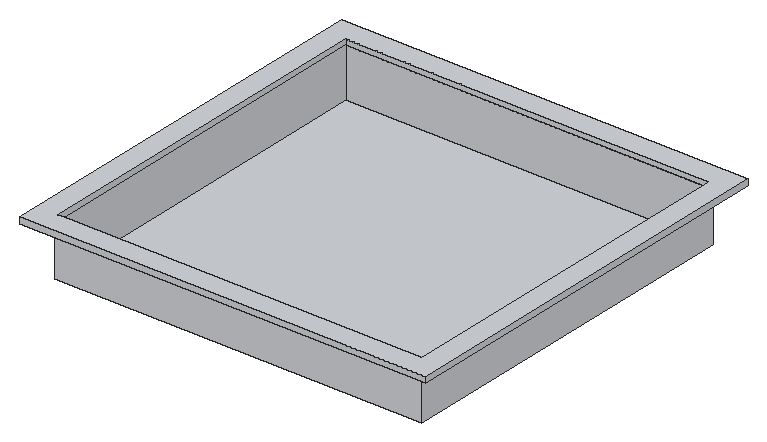
Revit family "Hager-FW-IP30-Without_Door-With_notch-leer-DE-de", category Electrical Equipment, host Face, Revit 2020
Family settings
  Host = Face
  Panel Configuration = Two Columns, Circuits Across
  Round Connector Dimension = Use Diameter
  Part Type = Panelboard
  Cut with Voids When Loaded = No
  Shared = No
  Room Calculation Point = No
Parameters (values of type "Unterputz IP30 B853 H853 T125 0 Teilungseinheiten - FWU53L")
  Width Control [instance] = if([HG000006 - Unterputz], if([EF000846 - Einbaubreite] > min_whd, [EF000846 - Einbaubreite], min_whd), if([EF000008 - Breite] > min_whd, ([EF000008 - Breite]), min_whd))  # 810 mm
  Void Depth [instance] = if([HG000006 - Unterputz], Depth Control, 1 mm)  # 112 mm
  Type Comments = [HG000003 - Bereich]  # "FW"
  System Height [instance] = Height Control - 2 * [HG000005 - Dicke]  # 796 mm
  Model = [HG000004 - Herstellerreferenz]  # "FWU53L"
  HG000017 - Distanz zwischen den Polen = 18 mm
  HG000016 - 3D-Türsichtbarkeit [instance] = yes
  HG000015 - Sichtbarkeit der Türöffnung [instance] = no
  HG000014 - Tür rechts [instance] = yes
  HG000013 - Tür links [instance] = not([HG000014 - Tür rechts])  # no
  HG000012 - Türschwenkwinkel [instance] = 45.00°
  HG000011 - Leere Reihen von unten = no
  HG000010 - Asymmetrische Türen = no
  HG000009 - Doppelflügeligen Tür = no
  HG000008 - Anzahl der leeren Reihen = 0
  HG000007 - Anzahl der leeren Spalten = 0
  HG000006 - Unterputz = yes
  HG000005 - Dicke = 3 mm  # constant formula
  HG000004 - Herstellerreferenz = "FWU53L"
  HG000003 - Bereich = "FW"
  HG000002 - Mit tür = no
  HG000001 - Anzahl der Spalten = 0
  EF015941 - Signaldurchlassende Tür = no
  EF015777 - Neutralleiterklemmenblock = no
  EF015776 - Erdungsklemmenblock = no
  EF009212 - Ausführung Deckel = "EV009916 - mit Ausschnitt"
  EF006306 - Mit Schloss = no
  EF006244 - Transparenter Deckel/Tür = yes
  EF005474 - Schutzart (IP) = "EV006410 - IP30"
  EF004462 - Art der Schließung = "EV000154 - sonstige"
  EF002950 - Breite in Teilungseinheiten = 0
  EF001596 - Werkstoff des Gehäuses = "EV000179 - Stahl"
  EF001134 - DIN-Schiene = yes
  EF001131 - Innentiefe = 112 mm
  EF001088 - Anbaumöglichkeit = yes
  EF001062 - EMV-Ausführung = no
  EF000846 - Einbaubreite = 810 mm
  EF000339 - Art der Abdeckung = "EV000494 - ohne"
  EF000332 - Einbauhöhe = 802 mm
  EF000266 - Anzahl der Reihen = 0
  EF000218 - Einbautiefe = 112 mm
  EF000118 - Mit Montageplatte = no
  EF000116 - RAL-Nummer = ""
  EF000049 - Tiefe = 125 mm
  EF000040 - Höhe = 853 mm
  EF000008 - Breite = 853 mm
  EF000007 - Farbe = "EV000202 - weiß"
  EF000003 - Montageart = "EV000128 - Hohlwand"
  Arrow Offset [instance] = Depth Control / 8  # 14 mm
  Arrow Height [instance] = Depth Control - Arrow Offset  # 98 mm
  Host Offset [instance] = if([HG000006 - Unterputz], 0 mm, [EF000049 - Tiefe])  # 0 mm
  min_whd [instance] = (2 * [HG000005 - Dicke]) + 1 mm  # 7 mm
  Manufacturer = "Hager"  # constant formula
  Height Control [instance] = if([HG000006 - Unterputz], if([EF000332 - Einbauhöhe] > min_whd, [EF000332 - Einbauhöhe], min_whd), if([EF000040 - Höhe] > min_whd, ([EF000040 - Höhe]), min_whd))  # 802 mm
  Flush Mounted - Door Frame Width [instance] = if(([EF000040 - Höhe] - [EF000332 - Einbauhöhe]) > 0 mm, if([HG000006 - Unterputz], [EF000040 - Höhe] - [EF000332 - Einbauhöhe], 0 mm), 0 mm)  # 51 mm
  Depth Control [instance] = if([HG000006 - Unterputz], if([EF000218 - Einbautiefe] > 0 mm, [EF000218 - Einbautiefe], 1 mm), if([EF000049 - Tiefe] > 0 mm, ([EF000049 - Tiefe]), 1 mm))  # 112 mm
  Default Elevation = 0 mm
Types (16, lengths in mm): name | Width Control | System Height | Model | HG000004 - Herstellerreferenz | EF000846 - Einbaubreite | EF000332 - Einbauhöhe | EF000040 - Höhe | EF000008 - Breite | Height Control
  Unterputz IP30 B353 H1003 T125 0 Teilungseinheiten - FWU61L | 310 | 946 | "FWU61L" | "FWU61L" | 310 | 952 | 1003 | 353 | 952
  Unterputz IP30 B353 H1153 T125 0 Teilungseinheiten - FWU71L | 310 | 1096 | "FWU71L" | "FWU71L" | 310 | 1102 | 1153 | 353 | 1102
  Unterputz IP30 B353 H1303 T125 0 Teilungseinheiten - FWU81L | 310 | 1246 | "FWU81L" | "FWU81L" | 310 | 1252 | 1303 | 353 | 1252
  Unterputz IP30 B353 H553 T125 0 Teilungseinheiten - FWU31L | 310 | 496 | "FWU31L" | "FWU31L" | 310 | 502 | 553 | 353 | 502
  Unterputz IP30 B353 H703 T125 0 Teilungseinheiten - FWU41L | 310 | 646 | "FWU41L" | "FWU41L" | 310 | 652 | 703 | 353 | 652
  Unterputz IP30 B353 H853 T125 0 Teilungseinheiten - FWU51L | 310 | 796 | "FWU51L" | "FWU51L" | 310 | 802 | 853 | 353 | 802
  Unterputz IP30 B603 H1003 T125 0 Teilungseinheiten - FWU62L | 560 | 946 | "FWU62L" | "FWU62L" | 560 | 952 | 1003 | 603 | 952
  Unterputz IP30 B603 H1153 T125 0 Teilungseinheiten - FWU72L | 560 | 1096 | "FWU72L" | "FWU72L" | 560 | 1102 | 1153 | 603 | 1102
  Unterputz IP30 B603 H553 T125 0 Teilungseinheiten - FWU32L | 560 | 496 | "FWU32L" | "FWU32L" | 560 | 502 | 553 | 603 | 502
  Unterputz IP30 B603 H703 T125 0 Teilungseinheiten - FWU42L | 560 | 646 | "FWU42L" | "FWU42L" | 560 | 652 | 703 | 603 | 652
  Unterputz IP30 B603 H853 T125 0 Teilungseinheiten - FWU52L | 560 | 796 | "FWU52L" | "FWU52L" | 560 | 802 | 853 | 603 | 802
  Unterputz IP30 B853 H1003 T125 0 Teilungseinheiten - FWU63L | 810 | 946 | "FWU63L" | "FWU63L" | 810 | 952 | 1003 | 853 | 952
  Unterputz IP30 B853 H1153 T125 0 Teilungseinheiten - FWU73L | 810 | 1096 | "FWU73L" | "FWU73L" | 810 | 1102 | 1153 | 853 | 1102
  Unterputz IP30 B853 H553 T125 0 Teilungseinheiten - FWU33L | 810 | 496 | "FWU33L" | "FWU33L" | 810 | 502 | 553 | 853 | 502
  Unterputz IP30 B853 H703 T125 0 Teilungseinheiten - FWU43L | 810 | 646 | "FWU43L" | "FWU43L" | 810 | 652 | 703 | 853 | 652
  Unterputz IP30 B853 H853 T125 0 Teilungseinheiten - FWU53L | 810 | 796 | "FWU53L" | "FWU53L" | 810 | 802 | 853 | 853 | 802
Reference planes
  plane 1 "Center (Front/Back)": y = 0
  plane 2: z = 0
  plane 3 "Center (Left/Right)": x = 0
  plane 4: z = 0
  plane 5: y = 54
  plane 6: z = -5
  plane 7: y = 452
  plane 8: y = 51
  plane 9: y = 853
  plane 10: z = -112
  plane 11: x = -405
  plane 12: x = 405
  plane 13: x = 402
  plane 14: x = -402
  plane 15: y = 850
  plane 16: z = -109
  plane 17: z = -3
  plane 18: z = -112
  plane 19: z = -3
Forms (mm)
  Extrusion 1, solid
    sketch origin (-583.045, 51, 1219.2) x (-1, 0, 0) y (0, 0, 1)
      loop
        line (-178.045, -1219.2) -> (-988.045, -1219.2) -> (-988.045, -1331.2) -> (-178.045, -1331.2) -> (-178.045, -1219.2)
    from 0 to 802 <- "Height Control"
  Extrusion 2, void
    sketch origin (-381.607, -4572, 0) x (0, -1, 0) y (-1, 0, 0)
      loop
        line (-5422, 20.393) -> (-5422, -783.607) -> (-4626, -783.607) -> (-4626, 20.393) -> (-5422, 20.393)
    from 0 to 109
  Extrusion 3, void
    sketch origin (0, 0, 0) x (1, 0, 0) y (0, 1, 0)
      loop
        line (-405, 51) -> (405, 51) -> (405, 853) -> (-405, 853) -> (-405, 51)
    from -112 to 1
  Extrusion 4, solid, detail levels coarse+medium
    sketch origin (-381.607, -4572, 0) x (-1, 0, 0) y (0, -1, 0)
      loop
        line (20.393, -5422) -> (20.393, -4626) -> (-783.607, -4626) -> (-783.607, -5422) -> (20.393, -5422)
    from 0 to -3
Cuts and joins
  Extrusion 2 cuts Extrusion 1
Dimensions and locks
  plane 4 to plane 6 = 5 mm
  "Host Offset": plane 4 to host face
  "Flush Mounted - Door Frame Width": plane 1 "Center (Front/Back)" to plane 8
  "HG000005 - Dicke": plane 5 to plane 8
  locked: connector elem to plane 3 "Center (Left/Right)"
  "Height Control": plane 9 to plane 8
  equal spacing: plane 9, plane 7, plane 8
  locked: connector elem to plane 7
  "Depth Control": plane 4 to plane 10
  "HG000005 - Dicke": plane 11 to plane 14
  "HG000005 - Dicke": plane 12 to plane 13
  equal spacing: plane 11, plane 3 "Center (Left/Right)", plane 12
  "Width Control": plane 11 to plane 12
  "Arrow Offset": nested 4 to plane 10
  "HG000005 - Dicke": plane 9 to plane 15
  "HG000005 - Dicke": plane 16 to plane 10
  "HG000005 - Dicke": plane 4 to plane 17
  "Void Depth": plane 2 to plane 18
  "HG000005 - Dicke": plane 4 to plane 19
  aligned and locked: plane 2 to host face
  aligned and locked: level to host face
  aligned and locked: plane 3 "Center (Left/Right)" to nested 2
  aligned and locked: nested 2 to plane 4
  aligned and locked: nested 2 to plane 8
  aligned and locked: nested 1 to plane 6
  aligned and locked: nested 1 to plane 5
  aligned and locked: nested 4 to plane 11
  aligned and locked: nested 3 to plane 4
  aligned and locked: Extrusion 1 sketch curve to plane 12
  aligned and locked: Extrusion 1 sketch curve to plane 11
  aligned and locked: nested 3 to plane 10
  aligned and locked: plane 10 to Extrusion 1 sketch curve
  aligned and locked: Extrusion 2 sketch curve to plane 5
  aligned and locked: Extrusion 2 sketch curve to plane 15
  aligned and locked: Extrusion 2 sketch curve to plane 14
  aligned and locked: Extrusion 2 sketch curve to plane 13
  aligned and locked: plane 11 to Extrusion 3 sketch curve
  aligned and locked: plane 9 to Extrusion 3 sketch curve
  aligned and locked: Extrusion 3 sketch curve to plane 8
  aligned and locked: plane 12 to Extrusion 3 sketch curve
  aligned and locked: nested 3 to plane 12
  aligned and locked: Extrusion 3 to plane 18
  aligned and locked: Extrusion 2 to plane 16
  aligned and locked: Extrusion 1 sketch curve to plane 4
  aligned and locked: Extrusion 4 to plane 17
  aligned and locked: Extrusion 4 sketch curve to plane 15
  aligned and locked: Extrusion 4 sketch curve to plane 13
  aligned and locked: Extrusion 4 sketch curve to plane 14
  aligned and locked: Extrusion 4 sketch curve to plane 5
Automatic sketch dimensions
  host sketch curve to host sketch curve = 1469.727 mm
  host sketch curve to host sketch curve = 1434.803 mm
Nested families
  nested 1: "Hager_Enclosure_System" at (0, 54, -5) x (1, 0, 0) z (0, 1, 0), Depth <- "HG000005 - Dicke", Height <- "System Height", Width <- "EF000008 - Breite", Border <- "HG000005 - Dicke", Flush_Mounted <- "HG000006 - Unterputz", Built-in_Width <- "EF000846 - Einbaubreite", Row_Module_Multiplicator <- "EF002950 - Breite in Teilungseinheiten", Total_No_Empty_Rows <- "HG000008 - Anzahl der leeren Reihen", Total_No_Rows <- "EF000266 - Anzahl der Reihen", Empty_Columns <- "HG000007 - Anzahl der leeren Spalten", Width_Control <- "Width Control", Empty_Rows_From_Bottom <- "HG000011 - Leere Reihen von unten", Distance_Between_Poles <- "HG000017 - Distanz zwischen den Polen", Rows_Count <- "EF000266 - Anzahl der Reihen", Columns_Count <- "HG000001 - Anzahl der Spalten", type "Hager_Enclosure_System", detail levels fine
    with Width_Control 810 mm, Width 853 mm, Total_No_Rows 0, Total_No_Empty_Rows 0, Total_No_Columns 1, System_Width 804 mm, Rows_Count 0, Rows_Column 0, Row_Module_Multiplicator 0, Panel_4 no, Panel_3 no, Panel_2 no, Panel_1 no, No_Panels_Ctrl 1, Hide_Columns yes, Height 796 mm, Flush_Mounted yes, Empty_Rows_From_Bottom no, Empty_Rows_Column 0, Empty_Columns 0, Distance_Between_Poles 18 mm, Depth 3 mm, Columns_Count 0, Column_Width 804 mm, Built-in_Width 810 mm, Border 3 mm
  nested 2: "Hager_Enclosure_Door" at (0, 51, 0) x (1, 0, 0) z (0, 1, 0), Border <- "HG000005 - Dicke", Door_Right <- "HG000014 - Tür rechts", Flush_Mounted <- "HG000006 - Unterputz", Depth <- "EF000049 - Tiefe", Width <- "EF000008 - Breite", Door_Left <- "HG000013 - Tür links", 3d_Door <- "HG000016 - 3D-Türsichtbarkeit", BuiltIn_Width <- "EF000846 - Einbaubreite", BuiltIn_Height <- "EF000332 - Einbauhöhe", BuiltIn_Depth <- "EF000218 - Einbautiefe", Angle <- "HG000012 - Türschwenkwinkel", Assymetrical <- "HG000010 - Asymmetrische Türen", Double <- "HG000009 - Doppelflügeligen Tür", Clearance <- "HG000015 - Sichtbarkeit der Türöffnung", Transparent <- "EF006244 - Transparenter Deckel/Tür", Door <- "HG000002 - Mit tür", Height_Ctrl <- "Height Control", Width_Ctrl <- "Width Control", Height <- "EF000040 - Höhe", type "Hager_Enclosure_Door", detail levels medium+fine
    with min_wh 7 mm, Width_Ctrl 810 mm, Width 853 mm, Transparent_Door_No_Bottom_Border no, Transparent yes, Leaf_Width 801 mm, Leaf_Tolerance 1.5 mm, Leaf_Height 793 mm, Leaf_2_Width 801 mm, Leaf_2_Offset 400.5 mm, Leaf_1_Width 801 mm, Leaf_1_Offset 400.5 mm, Height_Ctrl 802 mm, Height 853 mm, Frame_Width_Ctrl 43 mm, Frame_Width 43 mm, Frame_Internal_Offset 3 mm, Frame_Height_Ctrl 51 mm, Frame_Height 51 mm, Frame_Depth_Ctrl 13 mm, Frame_Depth 13 mm, Flush_Mounted yes, Double_Clearance_Ctrl no, Double no, Door_Right_Ctrl no, Door_Right yes, Door_Left_Ctrl no, Door_Left no, Door no, Depth 125 mm, Clearance_Depth 801 mm, Clearance_Ctrl no, Clearance no, BuiltIn_Width 810 mm, BuiltIn_Height 802 mm, BuiltIn_Depth 112 mm, Border 3 mm, Assymetrical no, Angle 45.00°, 3d_Door yes
  nested 3: "Hager_Enclosure_Symbol_Triangle" at (-405, 0, -112) x (1, 0, 0) z (0, -1, 0), Depth <- "Depth Control", Width <- "Width Control", type "Hager_Enclosure_Symbol_Triangle"
    with Width_Ctrl 810 mm, Width 810 mm, Depth_Ctrl 112 mm, Depth 112 mm
  nested 4: "Hager_Enclosure_Symbol_Arrow" at (-405, 0, -98) x (1, 0, 0) z (0, -1, 0), Height <- "Arrow Height", type "Hager_Enclosure_Symbol_Arrow"
    with Width_Inside 7.35 mm, Width 88.2 mm, Height_Ctrl 98 mm, Height 98 mm
Connectors
  electrical at (0, 452, -112)
    settings: on plane 10, index 1, voltage 0 V, apparent load 0 VA, apparent load phase1 0 VA, apparent load phase2 0 VA, apparent load phase3 0 VA, power factor 1, load classification "Other", number of poles 1, system type 30, power factor state 1, is connector primary yes, connector utility no, sub classification motor no, connector description ""
Definition of nested family "Hager_Enclosure_Door"
  Parameters (values of type "Hager_Enclosure_Door")
    min_wh [instance] = (2 * Border) + 1 mm  # 11 mm
    Width_Ctrl [instance] = 400 mm
    Width [instance] = 500 mm
    Transparent_Door_No_Bottom_Border [instance] = no
    Transparent [instance] = yes
    Leaf_Width [instance] = if((Width_Ctrl - 2 * Border - 2 * Leaf_Tolerance) > 0 mm, (Width_Ctrl - 2 * Border - 2 * Leaf_Tolerance), min_wh)  # 387 mm
    Leaf_Tolerance [instance] = 1.5 mm  # constant formula
    Leaf_Height [instance] = if((Height_Ctrl - 2 * Border - 2 * Leaf_Tolerance) > 0 mm, (Height_Ctrl - 2 * Border - 2 * Leaf_Tolerance), min_wh)  # 387 mm
    Leaf_2_Width [instance] = if(and(and(Double, Assymetrical), Door_Left), (Leaf_Width / 3) - (Leaf_Tolerance / 2), if(and(and(Double, Assymetrical), Door_Right), (Leaf_Width / 3) * 2 - (Leaf_Tolerance / 2), if(and(Double, not(Assymetrical)), (Leaf_Width / 2) - Leaf_Tolerance, Leaf_Width)))  # 387 mm
    Leaf_2_Offset [instance] = if(and(Double, Assymetrical), Leaf_2_Width / 2, if(and(Double, not(Assymetrical)), Leaf_Width / 4, Leaf_Width / 2))  # 193.5 mm
    Leaf_1_Width [instance] = if(and(and(Double, Assymetrical), Door_Right), (Leaf_Width / 3) - (Leaf_Tolerance / 2), if(and(and(Double, Assymetrical), Door_Left), (Width / 3) * 2 - (Leaf_Tolerance / 2), if(and(Double, not(Assymetrical)), (Leaf_Width / 2) - Leaf_Tolerance, Leaf_Width)))  # 387 mm
    Leaf_1_Offset [instance] = if(and(Double, Assymetrical), Leaf_1_Width / 2, if(and(Double, not(Assymetrical)), Leaf_Width / 4, Leaf_Width / 2))  # 193.5 mm
    Height_Ctrl [instance] = 400 mm
    Height [instance] = 500 mm
    Frame_Width_Ctrl [instance] = if(Frame_Width > 0 mm, Frame_Width, 1 mm)  # 1 mm
    Frame_Width [instance] = Width - BuiltIn_Width  # 0 mm
    Frame_Internal_Offset [instance] = if(Flush_Mounted, Border, 0 mm)  # 5 mm
    Frame_Height_Ctrl [instance] = if(Frame_Height > 0 mm, Frame_Height, 1 mm)  # 1 mm
    Frame_Height [instance] = Height - BuiltIn_Height  # 0 mm
    Frame_Depth_Ctrl [instance] = if(Frame_Depth > 0 mm, Frame_Depth, 1 mm)  # 1 mm
    Frame_Depth [instance] = if(Depth - BuiltIn_Depth > 0 mm, if(Flush_Mounted, Depth - BuiltIn_Depth, 0 mm), 0 mm)  # 0 mm
    Flush_Mounted [instance] = yes
    Double_Clearance_Ctrl [instance] = and(Double, Clearance)  # no
    Double [instance] = no
    Door_Right_Ctrl [instance] = and(or(Door_Right, Double), Door)  # yes
    Door_Right [instance] = yes
    Door_Left_Ctrl [instance] = and(or(Door_Left, Double), Door)  # no
    Door_Left [instance] = no
    Door [instance] = yes
    Depth [instance] = 500 mm
    Default Elevation = 1219.2 mm
    Clearance_Material = none
    Clearance_Depth [instance] = if(Leaf_1_Width > Leaf_2_Width, Leaf_1_Width, Leaf_2_Width)  # 387 mm
    Clearance_Ctrl [instance] = and(not(Double), Clearance)  # yes
    Clearance [instance] = yes
    BuiltIn_Width [instance] = 500 mm
    BuiltIn_Height [instance] = 500 mm
    BuiltIn_Depth [instance] = 500 mm
    Border [instance] = 5 mm
    Assymetrical [instance] = yes
    Angle [instance] = 30.00°
    3d_Door [instance] = yes
  Reference planes
    plane 1 "Center (Front/Back)": y = 0
    plane 2 "Bottom": z = 0
    plane 3 "Center (Left/Right)": x = 0
    plane 4: z = 400
    plane 5: x = -200
    plane 6: x = 200
    plane 7: z = 395
    plane 8: x = -195
    plane 9: z = 5
    plane 10: x = 195
    plane 11: y = 0
    plane 12: z = 6.5
    plane 13: x = -582
    plane 14: y = -387
    plane 15: x = 582
    plane 16: x = 0
    plane 17: x = 0
    plane 18: x = -193.5
    plane 19: x = 193.5
    plane 20: z = 393.5
  Forms (mm)
    Extrusion 1, solid, visible <- "Flush_Mounted"
      sketch origin (0, 0, 0) x (1, 0, 0) y (0, 0, 1)
        loop
          line (195, 5) -> (195, 395) -> (-195, 395) -> (-195, 5) -> (195, 5)
        loop
          line (-201, 401) -> (-201, -1) -> (201, -1) -> (201, 401) -> (-201, 401)
      from 0 to 1 <- "Frame_Depth_Ctrl"
    Extrusion 2, solid, material <- "Clearance_Material", visible <- "Double_Clearance_Ctrl"
      sketch origin (1200, 0, 0) x (1, 0, 0) y (0, 0, -1)
        loop
          line (-1782, -393.5) -> (-618, -393.5) -> (-618, 0) -> (-1782, 0) -> (-1782, -393.5)
      from 0 to -387
  Dimensions and locks
    equal spacing: plane 5, plane 3 "Center (Left/Right)", plane 6
    "Width_Ctrl": plane 5 to plane 6
    "Border": plane 5 to plane 8
    "Border": plane 6 to plane 10
    "Border": plane 9 to level
    "Border": plane 4 to plane 7
    "Height_Ctrl": plane 4 to level
    "Leaf_Tolerance": plane 12 to plane 9
    "Frame_Depth": plane 11 to plane 1 "Center (Front/Back)"
    "Frame_Width_Ctrl": plane 5 to Extrusion 1 sketch curve
    "Frame_Width_Ctrl": plane 6 to Extrusion 1 sketch curve
    "Frame_Width_Ctrl": Extrusion 1 sketch curve to plane 4
    "Frame_Width_Ctrl": plane 2 "Bottom" to Extrusion 1 sketch curve
    "Leaf_1_Offset": plane 18 to plane 16
    "Leaf_2_Offset": plane 17 to plane 19
    "Leaf_1_Width": plane 13 to plane 8
    "Leaf_2_Width": plane 10 to plane 15
    "Clearance_Depth": plane 14 to plane 1 "Center (Front/Back)"
    "Leaf_Tolerance": plane 8 to plane 18
    "Leaf_Tolerance": plane 19 to plane 10
    "Leaf_Tolerance": plane 7 to plane 20
    "Frame_Internal_Offset": plane 5 to Extrusion 1 sketch curve
    "Frame_Internal_Offset": Extrusion 1 sketch curve to plane 2 "Bottom"
    "Frame_Internal_Offset": plane 6 to Extrusion 1 sketch curve
    "Frame_Internal_Offset": plane 4 to Extrusion 1 sketch curve
    aligned and locked: level to plane 2 "Bottom"
    aligned and locked: nested 1 to plane 16
    aligned and locked: nested 2 to plane 17
    aligned and locked: Extrusion 2 to plane 13
    aligned and locked: plane 15 to Extrusion 2
    aligned and locked: Extrusion 2 to plane 14
    aligned and locked: plane 12 to nested 1
    aligned and locked: nested 2 to plane 12
    aligned and locked: Extrusion 2 to plane 11
    aligned and locked: plane 20 to Extrusion 2
    aligned and locked: nested 2 to plane 11
    aligned and locked: nested 1 to plane 11
  Automatic sketch dimensions
    Extrusion 2 sketch curve to level = 0 mm
    plane 5 to Extrusion 2 sketch curve = 382 mm
    plane 6 to Extrusion 2 sketch curve = 382 mm
    Extrusion 2 sketch curve to plane 4 = 6.5 mm
  Nested families
    nested 1: "Hager_Enclosure_Door_Leaf" at (0, 0, 6.5), Width <- "Leaf_1_Width", visible <- "Door_Left_Ctrl", Leaf_Height <- "Leaf_Height", Angle <- "Angle", Depth <- "Border", 3d_Door <- "3d_Door", Transparent <- "Transparent", Clearance Material <- "Clearance_Material", Clearance <- "Clearance_Ctrl", Transparent_Door_No_Bottom_Border <- "Transparent_Door_No_Bottom_Border", type "Hager_Enclosure_Door_Leaf"
      with Width 387 mm, Transparent_Door_No_Bottom_Border no, Transparent_Door_Border_Bottom_Top 25 mm, Transparent_Door_Border 25 mm, Transparent_Ctrl yes, Transparent yes, Standard no, Leaf_Height 387 mm, Glass_Offset 1 mm, Depth 5 mm, Clearance Material none, Clearance yes, Angle_Ctrl 30.00°, Angle 30.00°, 3d_Door yes
    nested 2: "Hager_Enclosure_Door_Leaf" at (0, 0, 6.5) x (-1, 0, 0) z (0, 0, 1), Width <- "Leaf_2_Width", visible <- "Door_Right_Ctrl", Leaf_Height <- "Leaf_Height", Angle <- "Angle", Depth <- "Border", 3d_Door <- "3d_Door", Transparent <- "Transparent", Clearance Material <- "Clearance_Material", Clearance <- "Clearance_Ctrl", Transparent_Door_No_Bottom_Border <- "Transparent_Door_No_Bottom_Border", type "Hager_Enclosure_Door_Leaf"
      with Width 387 mm, Transparent_Door_No_Bottom_Border no, Transparent_Door_Border_Bottom_Top 25 mm, Transparent_Door_Border 25 mm, Transparent_Ctrl yes, Transparent yes, Standard no, Leaf_Height 387 mm, Glass_Offset 1 mm, Depth 5 mm, Clearance Material none, Clearance yes, Angle_Ctrl 30.00°, Angle 30.00°, 3d_Door yes
  Definition of nested family "Hager_Enclosure_Door_Leaf"
    Parameters (values of type "Hager_Enclosure_Door_Leaf")
      Width [instance] = 2000 mm
      Transparent_Door_No_Bottom_Border [instance] = yes
      Transparent_Door_Border_Bottom_Top [instance] = if(Transparent_Door_No_Bottom_Border, 0.1 mm, Transparent_Door_Border)  # 0.1 mm
      Transparent_Door_Border [instance] = if(Transparent_Door_No_Bottom_Border, (Width * 0.12), 25 mm)  # 240 mm
      Transparent_Ctrl [instance] = and(Transparent, [3d_Door])  # yes
      Transparent [instance] = yes
      Standard [instance] = and(not(Transparent), [3d_Door])  # no
      Leaf_Height [instance] = 2720.336 mm
      Glass_Offset [instance] = if((Depth - 10 mm) / 2 > 0 mm, (Depth - 10 mm) / 2, 1 mm)  # 15 mm
      Glass_Material = none
      Depth [instance] = 40 mm
      Default Elevation = 0 mm
      Clearance Material [instance] = none
      Clearance [instance] = yes
      Angle_Ctrl [instance] = if(Angle > 170.00°, 170.00°, Angle)  # 45.00°
      Angle [instance] = 45.00°
      3d_Door [instance] = yes
    Reference planes
      plane 1 "Center (Front/Back)": y = 0
      plane 2: z = 0
      plane 3 "Center (Left/Right)": x = 0
      plane 4: y = 2000
      plane 5: x = -1000
      plane 6: x = 1000
      plane 7: x = -3000
      plane 8: z = 2720.336
      plane 9: z = 0.1
      plane 10: z = 2720.236
      plane 11: x = 760
      plane 12: x = -760
    Forms (mm)
      Extrusion 1, solid, material <- "Clearance Material", visible <- "Clearance"
        sketch origin (0, 0, 0) x (1, 0, 0) y (0, 0, 1)
          loop
            line (-3000, 2720.336) -> (-3000, 0) -> (1000, 0) -> (1000, 2720.336) -> (-3000, 2720.336)
        from 0 to -2000
      Extrusion 2, solid, visible <- "Standard", detail levels medium+fine
        sketch origin (-1000, 0, 0) x (0.707107, 0.707107, 0) y (-0.707107, 0.707107, 0)
          loop
            line (0, -40) -> (2000, -40) -> (2000, 0) -> (0, 0) -> (0, -40)
        from 0 to 2720.336 <- "Leaf_Height"
      Extrusion 3, solid, visible <- "Transparent_Ctrl", detail levels medium+fine
        sketch origin (-1000, 0, 0) x (0.707107, 0.707107, 0) y (-0.707107, 0.707107, 0)
          loop
            line (0, -40) -> (2000, -40) -> (2000, 0) -> (0, 0) -> (0, -40)
        from 0 to 2720.336 <- "Leaf_Height"
      Extrusion 4, void, detail levels medium+fine
        sketch origin (-1000, 0, 0) x (-0.707107, 0.707107, 0) y (0.707107, 0.707107, 0)
          loop
            line (0, 240) -> (0, 1760) -> (-40, 1760) -> (-40, 240) -> (0, 240)
        from -2720.236 to -0.1
      Extrusion 5, solid, material <- "Glass_Material", visible <- "Transparent_Ctrl", detail levels medium+fine
        sketch origin (-1000, 0, 0) x (0.707107, 0.707107, 0) y (-0.707107, 0.707107, 0)
          loop
            line (240, -15) -> (240, -25) -> (1760, -25) -> (1760, -15) -> (240, -15)
        from 0.1 to 2720.236
    Cuts and joins
      Extrusion 4 cuts Extrusion 3
    Lines and regions (mm)
      symbolic lines
        curve 1: line (1000, 0, 0) -> (-3000, 0, 0)
        curve 2: arc (1000, 0, 0) -> (-1000, 2000, 0) -> (-3000, 0, 0) r 2000
        curve 4: line (-1000, 0, 0) -> (414.214, 1414.214, 0)
      reference lines
        curve 3: line (-1000, 0, 0) -> (414.214, 1414.214, 0)
      symbolic lines, detail levels medium+fine
        curve 5: line (414.214, 1414.214, 0) -> (442.498, 1385.929, 0)
        curve 6: line (442.498, 1385.929, 0) -> (-971.716, -28.284, 0)
        curve 7: line (-971.716, -28.284, 0) -> (-1000, 0, 0)
        curve 8: line (-1000, 0, 2720.336) -> (1000, 0, 2720.336)
        curve 9: line (-1000, 0, 0) -> (-1000, 0, 2720.336)
        curve 10: line (1000, 0, 0) -> (-1000, 0, 0)
        curve 11: line (1000, 0, 2720.336) -> (1000, 0, 0)
      symbolic lines, visible <- "Transparent_Ctrl", detail levels medium+fine
        curve 12: line (-760, 0, 2720.236) -> (760, 0, 2720.236)
        curve 13: line (-760, 0, 0.1) -> (-760, 0, 2720.236)
        curve 14: line (760, 0, 0.1) -> (-760, 0, 0.1)
        curve 15: line (760, 0, 2720.236) -> (760, 0, 0.1)
    Dimensions and locks
      "Width": plane 1 "Center (Front/Back)" to plane 4
      equal spacing: plane 5, plane 3 "Center (Left/Right)", plane 6
      "Width": plane 5 to plane 6
      "Width": plane 7 to plane 5
      "Leaf_Height": plane 8 to level
      "Depth": curve 6 to curve 3
      "Width": curve 5 to curve 3
      "Width": curve 3 to curve 3
      "Transparent_Door_Border": Extrusion 4 sketch curve to curve 7
      "Transparent_Door_Border": Extrusion 4 sketch curve to curve 5
      "Transparent_Door_Border_Bottom_Top": plane 8 to plane 10
      "Transparent_Door_Border_Bottom_Top": plane 9 to level
      "Glass_Offset": Extrusion 5 sketch curve to curve 4
      "Glass_Offset": Extrusion 5 sketch curve to curve 6
      "Transparent_Door_Border": Extrusion 5 sketch curve to curve 5
      "Transparent_Door_Border": Extrusion 5 sketch curve to curve 7
      "Transparent_Door_Border": plane 12 to plane 5
      "Transparent_Door_Border": plane 6 to plane 11
      "Angle_Ctrl": angle plane 1 "Center (Front/Back)" to curve 3
      aligned and locked: level to plane 2
      aligned and locked: Extrusion 1 to curve 1
      aligned and locked: plane 6 to Extrusion 1
      aligned and locked: Extrusion 1 to plane 1 "Center (Front/Back)"
      aligned and locked: plane 4 to Extrusion 1
      aligned and locked: plane 8 to Extrusion 1
      aligned and locked: curve 4 to curve 3
      aligned and locked: Extrusion 2 sketch curve to curve 7
      aligned and locked: Extrusion 2 sketch curve to curve 6
      aligned and locked: Extrusion 2 sketch curve to curve 5
      aligned and locked: Extrusion 2 sketch curve to curve 3
      aligned and locked: curve 7 to Extrusion 3 sketch curve
      aligned and locked: Extrusion 3 sketch curve to curve 4
      aligned and locked: Extrusion 3 sketch curve to curve 6
      aligned and locked: Extrusion 3 sketch curve to curve 5
      aligned and locked: curve 4 to Extrusion 4 sketch curve
      aligned and locked: curve 6 to Extrusion 4 sketch curve
      aligned and locked: Extrusion 4 to plane 9
      aligned and locked: Extrusion 4 to plane 10
      aligned and locked: Extrusion 5 to plane 9
      aligned and locked: Extrusion 5 to plane 10
      aligned and locked: curve 8 to plane 8
      aligned and locked: plane 5 to curve 9
      aligned and locked: plane 2 to curve 10
      aligned and locked: curve 11 to plane 6
      aligned and locked: plane 10 to curve 12
      aligned and locked: plane 12 to curve 13
      aligned and locked: curve 14 to plane 9
      aligned and locked: plane 11 to curve 15
    Automatic sketch dimensions
      plane 1 "Center (Front/Back)" to curve 2 = 0 mm
      curve 2 to plane 5 = 0 mm
      Extrusion 1 sketch curve to level = 0 mm
      Extrusion 1 sketch curve to plane 7 = 0 mm
      Extrusion 1 sketch curve to plane 6 = 0 mm
      Extrusion 1 sketch curve to plane 8 = 0 mm
      plane 1 "Center (Front/Back)" to curve 3 = 0 mm
      curve 3 to plane 5 = 0 mm
      curve 7 to curve 3 = 0 mm
Definition of nested family "Hager_Enclosure_Symbol_Triangle"
  Parameters (values of type "Hager_Enclosure_Symbol_Triangle")
    Width_Ctrl [instance] = if(Width > 1 mm, Width, 1 mm)  # 498 mm
    Width [instance] = 498 mm
    Depth_Ctrl [instance] = if(Depth > 1 mm, Depth, 1 mm)  # 72 mm
    Depth [instance] = 72 mm
  Reference planes
    plane 1 "Centre (avant/arrière)": y = 0
    plane 2: z = 0
    plane 3 "Centre (gauche/droite)": x = 0
  Lines and regions (mm)
    Filled region 1, type "Solid_Black", in view "Niveau de réf."
      outline origin (0, 0, 0) x (1, 0, 0) y (0, 1, 0)
        loop
          line (0, 0) -> (498, 0) -> (498, 72) -> (0, 0)
    reference lines, in view "Niveau de réf."
      curve 1: line (-206.153, 72, 0) -> (1083.258, 72, 0)
      curve 2: line (498, 405.456, 0) -> (498, -517.619, 0)
  Dimensions and locks
    "Depth_Ctrl": plane 1 "Centre (avant/arrière)" to curve 1
    "Width_Ctrl": plane 3 "Centre (gauche/droite)" to curve 2
    aligned and locked: curve 1 to Filled region 1 sketch curve
    aligned and locked: Filled region 1 sketch curve to plane 1 "Centre (avant/arrière)"
    aligned and locked: curve 2 to Filled region 1 sketch curve
    aligned and locked: plane 3 "Centre (gauche/droite)" to Filled region 1 sketch curve
    aligned and locked: plane 1 "Centre (avant/arrière)" to Filled region 1 sketch curve
  Automatic sketch dimensions
    curve 1 to plane 3 "Centre (gauche/droite)" = 206.153 mm
    curve 2 to curve 1 = 585.258 mm
    plane 1 "Centre (avant/arrière)" to curve 2 = 517.619 mm
    curve 2 to plane 1 "Centre (avant/arrière)" = 405.456 mm
Definition of nested family "Hager_Enclosure_Symbol_Arrow"
  Parameters (values of type "Hager_Enclosure_Symbol_Arrow")
    Width_Inside [instance] = if(Width / 12 > 2 mm, Width / 12, 2 mm)  # 4.987 mm
    Width [instance] = if(Height_Ctrl * 0.9 > 2 mm, Height_Ctrl * 0.9, 2 mm)  # 59.85 mm
    Height_Ctrl [instance] = if(Height > 2 mm, Height, 2 mm)  # 66.5 mm
    Height [instance] = 66.5 mm
  Reference planes
    plane 1 "Centre (avant/arrière)": y = 0
    plane 2: z = 0
    plane 3 "Centre (gauche/droite)": x = 0
    plane 4: x = 59.85
    plane 5: y = 28.263
    plane 6: y = 38.238
    plane 7: y = 66.5
    plane 8: x = 29.925
    plane 9: y = 33.25
  Lines and regions (mm)
    Filled region 1, type "Solid_Black", in view "Niveau de réf."
      outline origin (0, 0, 0) x (1, 0, 0) y (0, 1, 0)
        loop
          line (59.85, 66.5) -> (37.929, 52.827) -> (51.846, 41.935) -> (59.85, 66.5)
    detail lines, in view "Niveau de réf."
      curve 1: line (0, 0, 0) -> (29.925, 38.238, 0)
      curve 2: line (29.925, 38.238, 0) -> (29.925, 28.263, 0)
      curve 3: line (29.925, 28.263, 0) -> (59.85, 66.5, 0)
  Dimensions and locks
    "Width": plane 3 "Centre (gauche/droite)" to plane 4
    "Height_Ctrl": plane 7 to plane 1 "Centre (avant/arrière)"
    equal spacing: plane 3 "Centre (gauche/droite)", plane 8, plane 4
    equal spacing: plane 7, plane 9, plane 1 "Centre (avant/arrière)"
    equal spacing: plane 6, plane 9, plane 5
    "Width_Inside": plane 6 to plane 9
    equal spacing: curve 3, Filled region 1 sketch curve, Filled region 1 sketch curve
    angle Filled region 1 sketch curve to curve 3 = 20.00°
    angle curve 3 to Filled region 1 sketch curve = 20.00°
    locked: curve 3 to Filled region 1 sketch curve (angle 90.00°)
  Automatic sketch dimensions
    plane 1 "Centre (avant/arrière)" to curve 1 = 0 mm
    curve 1 to plane 3 "Centre (gauche/droite)" = 0 mm
    curve 2 to plane 6 = 0 mm
    curve 3 to plane 8 = 0 mm
    curve 3 to plane 4 = 0 mm
    curve 2 to plane 5 = 0 mm
    curve 3 to plane 7 = 0 mm
    Filled region 1 sketch curve to plane 4 = 0 mm
    Filled region 1 sketch curve to plane 7 = 0 mm
